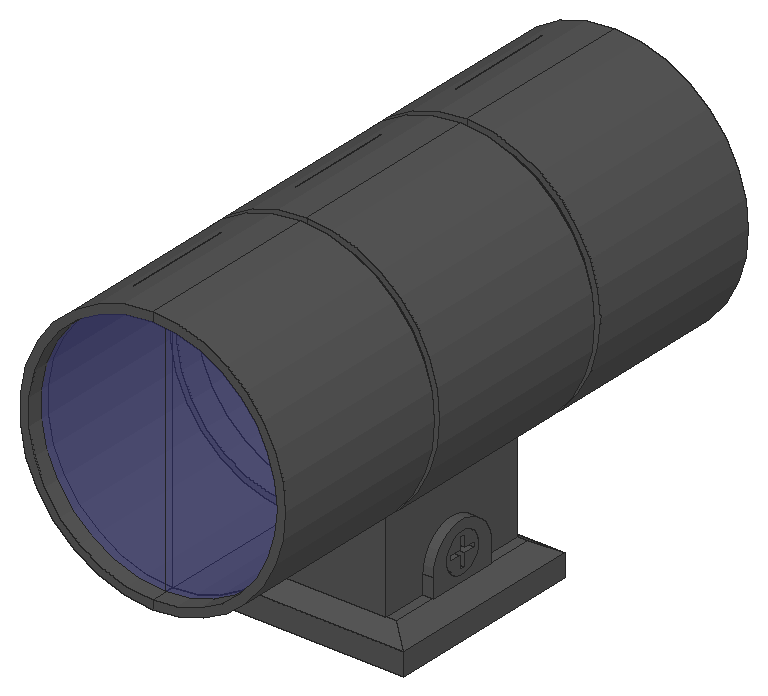
Revit family "CARLO CYLINDER LIGHT WALL MOUNT", category Lighting Fixtures, host Face, Revit 2020 (continued)
Types (10): name | Wattage_Input | Wattage Comments | Wattage | Photometric Web File | built-in parameter 1150142 | Model | built-in parameter 1150105 | Lumens | Light Length 1 | LIGHT RADIUS | LIGHT PLACEMENT | LIGHT LENGTH | LIGHT DIA | built-in parameter 1150106 | FIXED END HEIGHT | Curve base Height | Base Curve | BEAMING ANGLE | Apparent Load
    3.33 118.08 94.078 \r\n 73.73 59.684 50.362 46.036 43.812 40.428 37.252 34.714 32.362 29.837 \r\n 27.291 24.665 22.238 20.332 18.759 17.481 16.369 15.26 14.215 13.247 \r\n 12.336 11.472 10.639 9.8013 8.9989 8.2707 7.5823 6.8989 6.2615 5.7135 \r\n 5.2132 4.7182 4.2741 3.9275 3.6327 3.3557 3.1087 2.8955 2.7071 2.536 \r\n 2.3818 2.2418 2.1148 1.999 1.8934 1.7964 1.7079 1.6283 1.5544 1.4829 \r\n 1.4147 1.3495 1.2875 1.2299 1.1741 1.1177 1.062 1.0067 0.95477 0.91161 \r\n 0.8699 0.82133 0.77422 0.73572 0.70098 0.6676 0.63543 0.60341 0.5718 0.54065 \r\n 0.50956 0.47773 0.44646 0.41824 0.39136 0.36561 0.33889 0.30723 0.27603 0.2507 \r\n 0.22734 0.20352 0.18022 0.15905 0.13557 0.10431 0.069906 0.030849 0 0 \r\n 0 0.027256 0.062592 0.095669 0.12722 0.14886 0.17762 0.23662 0.29916 0.33852 \r\n 0.37785 0.44017 0.49913 0.52756 0.55093 0.59161 0.63172 0.65564 0.67896 0.71568 \r\n 0.75487 0.78785 0.82178 0.86524 0.91077 0.95196 0.99421 1.0429 1.0917 1.1329 \r\n 1.1764 1.2338 1.2928 1.3422 1.3907 1.4438 1.4996 1.5585 1.6197 1.682 \r\n 1.746 1.8106 1.8791 1.9571 2.0376 2.1118 2.1902 2.2818 2.3815 2.4864 \r\n 2.5991 2.7192 2.8523 3.0039 3.173 3.356 3.5657 3.8188 4.1001 4.3891 \r\n 4.7192 5.1208 5.583 6.1013 6.6868 7.3578 8.0877 8.8496 9.6629 10.547 \r\n 11.475 12.426 13.407 14.416 15.454 16.525 17.608 18.645 19.743 21.064 \r\n 22.383 23.425 24.508 25.787 27.482 29.897 32.933 35.389 40.884 54.13 \r\n 70.645 86.102 104.74 130.45 159.95 191.73 224.33 255.5 286.21 317.15 \r\n 346.93 374.48 399.51 421.94 439.99 450.82 457.58 462.08 465.46 469.82 \r\n 474.05 477.64 480.91 483.94 486.88 489.85 492.95 496.38 499.9 503.31 \r\n 506.66 509.95 513.16 516.28 519.34 522.36 525.4 528.49 531.65 534.78 \r\n 538.26 542.5 547.27 552.26 558.12 565.39 574.02 583.97 595.73 609.69 \r\n 626.14 645.15 667.73 694.71 726.7 762.25 808.33 875.89 951.47 1023.6 \r\n 1097.2 1169 1252.3 1362.2 1489.7 1629.8 1785.6 1960.6 2149.5 2349.3 \r\n 2556.4 2766.3 2978.5 3191.4 3404.6 3618.5 3828.9 4033.6 4227.7 4404 \r\n 4567.2 4720.5 4860.6 4985.4 5094.7 5187.7 5264.3 5322.2 5367.8 5407.5 \r\n 5509.6 \r\n5444.5 5455.6 5459.1 5451.5 5433.5 5405.5 5367.7 5321 5263.9 5196.4 \r\n 5115.3 5016.9 4903.8 4776 4638 4494.8 4343.9 4185.4 4016.4 3832 \r\n 3638.6 3439.7 3238.8 3041.8 2845.6 2649 2452.4 2252.9 2059.7 1882.3 \r\n 1717.1 1563.3 1423 1298.3 1187.6 1090.5 1005.6 931.84 868.11 813.11 \r\n 766.14 726.41 692.95 664.82 641.11 620.62 603.26 588.7 576.41 565.77 \r\n 556.71 548.99 542.43 536.87 531.99 527.4 523.23 519.57 516.18 512.82 \r\n 509.59 506.55 503.58 500.6 497.64 494.74 491.86 489.01 486.21 483.6 \r\n 480.87 477.53 474.16 471.73 468.53 464.01 455.69 440.13 419.69 395.25 \r\n 367.83 338.51 307.98 277.33 246.49 215.51 185.04 155.38 127.59 102.51 \r\n 81.119 64.817 53.295 47.867 45.06 41.414 38.191 35.635 33.339 30.98 \r\n 28.546 25.755 23.089 20.998 19.287 17.978 16.864 15.714 14.627 13.633 \r\n 12.706 11.84 11.003 10.142 9.3145 8.5762 7.8766 7.165 6.4975 5.9312 \r\n 5.4126 4.8876 4.4148 4.053 3.747 3.4563 3.1956 2.9693 2.7688 2.5877 \r\n 2.4249 2.2777 2.1449 2.0254 1.9169 1.8167 1.7249 1.6419 1.5648 1.4908 \r\n 1.4207 1.3549 1.2926 1.2336 1.1765 1.1199 1.0643 1.0086 0.95644 0.91367 \r\n 0.8724 0.82368 0.77647 0.73846 0.70443 0.67214 0.64035 0.61005 0.58024 0.55041 \r\n 0.52009 0.48782 0.45607 0.4273 0.40001 0.37439 0.34777 0.31556 0.28386 0.25903 \r\n 0.23572 0.20954 0.18385 0.1618 0.13969 0.11614 0.087212 0.040327 0 0 \r\n 0.0008805 0.036916 0.080845 0.1143 0.14487 0.16937 0.20182 0.26416 0.32947 0.37009 \r\n 0.41016 0.47381 0.53343 0.56041 0.58192 0.62196 0.66148 0.68391 0.7059 0.74243 \r\n 0.78195 0.8156 0.85034 0.89538 0.94241 0.98431 1.0267 1.0749 1.1227 1.1615 \r\n 1.2033 1.2623 1.3232 1.3721 1.4196 1.4723 1.5279 1.5866 1.6479 1.711 \r\n 1.7762 1.8424 1.9127 1.9916 2.0729 2.1493 2.2296 2.3217 2.4223 2.5305 \r\n 2.6472 2.7713 2.9084 3.0643 3.2379 3.4247 3.6406 3.9062 4.2027 4.5074 \r\n 4.8525 5.2639 5.7367 6.2726 6.8779 7.5691 8.3183 9.096 9.9238 10.822 \r\n 11.765 12.733 13.729 14.747 15.79 16.867 17.958 19.011 20.133 21.493 \r\n 22.851 23.885 25.005 26.465 28.401 31.011 34.369 37.177 43.747 60.1 \r\n 79.821 96.656 116.15 143.08 173.53 205.53 238.06 269.14 299.64 330.27 \r\n 359.43 385.73 409.14 429.76 445.85 454.42 459.33 463.38 466.8 471.06 \r\n 475.19 478.63 481.77 484.85 487.87 490.84 493.95 497.53 501.17 504.53 \r\n 507.78 511 514.16 517.3 520.42 523.54 526.65 529.73 532.85 535.94 \r\n 539.45 543.94 549.01 554.15 560.21 567.92 577.11 587.68 600.09 614.65 \r\n 631.79 651.67 675.37 703.84 737.57 774.73 823.26 895.65 976.47 1053 \r\n 1129.6 1201.1 1283.6 1394.9 1524.8 1668.6 1828.2 2005.9 2196.3 2395.2 \r\n 2600.9 2811.1 3024.5 3239.4 3454.2 3667.5 3876.5 4080 4272 4444.3 \r\n 4603.2 4754.1 4892 5013.7 5119.3 5207.8 5279.8 5333.8 5376 5412.5 \r\n 5509.6 \r\n5444.5 5457 5464.1 5460.4 5445.9 5420.5 5384.9 5340.4 5286.1 5222.9 \r\n 5147.1 5054.9 4947.5 4823.2 4687.3 4545.5 4396 4240 4073.7 3890.9 \r\n 3698.9 3501.8 3302 3103.9 2905.5 2705.8 2506.3 2305.7 2111.4 1931.3 \r\n 1762.7 1604.2 1458.8 1328.8 1214.7 1120.2 1038.3 962.84 894.84 832.46 \r\n 778.41 736.13 701.61 672.13 647.3 625.85 607.65 592.32 579.37 568.21 \r\n 558.71 550.62 543.76 537.98 532.94 528.18 523.88 520.11 516.66 513.33 \r\n 510.15 507.08 504.07 501.08 498.13 495.24 492.39 489.59 486.85 484.28 \r\n 481.6 478.43 475.24 472.74 469.76 466.21 459.5 446.59 428.83 406.03 \r\n 379.75 351.29 321.25 290.63 259.48 227.92 196.68 166.2 137.48 111.29 \r\n 88.767 71.664 58.949 50.676 45.337 41.635 38.986 36.294 33.806 31.459 \r\n 29.091 26.38 23.748 21.526 19.668 18.335 17.229 16.065 14.961 13.95 \r\n 13.006 12.126 11.277 10.412 9.5781 8.8213 8.1009 7.3735 6.6925 6.1156 \r\n 5.5862 5.0476 4.5586 4.1753 3.8493 3.5488 3.2806 3.0415 2.8292 2.6414 \r\n 2.4746 2.326 2.1924 2.0703 1.9591 1.8581 1.7652 1.6785 1.598 1.5237 \r\n 1.4543 1.3884 1.326 1.2672 1.2102 1.1522 1.0954 1.0406 0.98915 0.94441 \r\n 0.90109 0.85273 0.80611 0.76722 0.7319 0.69819 0.66544 0.63466 0.60463 0.57498 \r\n 0.5447 0.51151 0.47882 0.45004 0.42281 0.39657 0.36933 0.33704 0.30525 0.27994 \r\n 0.2558 0.22825 0.20123 0.17828 0.15609 0.1344 0.10756 0.062655 0.021325 0.0060592 \r\n 0.0109 0.045971 0.088774 0.11878 0.14863 0.18365 0.22645 0.28645 0.3485 0.39658 \r\n 0.44268 0.49842 0.54888 0.57721 0.60076 0.63485 0.66862 0.69285 0.71792 0.75385 \r\n 0.79241 0.82727 0.86287 0.90527 0.94947 0.99165 1.0343 1.0799 1.1247 1.1622 \r\n 1.2025 1.2578 1.3158 1.366 1.4158 1.4694 1.5256 1.585 1.6469 1.7108 \r\n 1.7768 1.8439 1.9147 1.9933 2.075 2.1543 2.2385 2.3333 2.4373 2.5508 \r\n 2.674 2.8052 2.9501 3.1142 3.297 3.495 3.7226 3.9973 4.3063 4.6355 \r\n 5.0061 5.4322 5.9208 6.4864 7.1211 7.8257 8.589 9.3991 10.258 11.169 \r\n 12.119 13.101 14.108 15.128 16.169 17.235 18.326 19.433 20.598 21.909 \r\n 23.221 24.265 25.497 27.316 29.62 32.07 35.775 40.698 49.947 68.614 \r\n 90.711 110.36 132.31 160.43 191.44 223.67 256.18 287.31 317.58 347.47 \r\n 375.46 400.32 421.72 439 451.88 458.85 462.89 466.47 469.57 473.2 \r\n 476.75 479.82 482.73 485.65 488.57 491.47 494.56 498.16 501.83 505.14 \r\n 508.35 511.56 514.78 518.09 521.41 524.68 527.93 531.14 534.46 537.87 \r\n 541.75 546.57 552 557.64 564.24 572.42 582.13 593.37 606.58 622.01 \r\n 640.23 661.61 687.02 717.27 752.94 792.43 843.08 916.22 998.32 1078.3 \r\n 1160.1 1239.1 1329.5 1446.7 1581.8 1730.2 1894.3 2077.8 2273 2473.4 \r\n 2679.4 2889.2 3102.1 3318 3533 3744 3949.3 4148.4 4335.8 4504.4 \r\n 4659.5 4805.4 4937.8 5053.8 5153.5 5235.8 5302 5350.8 5388.1 5420 \r\n 5509.6 \r\n5444.5 5458.3 5468.6 5468.4 5457.2 5434.1 5400.6 5357.7 5305.5 5245.8 \r\n 5174.7 5088.6 4987.1 4866.2 4732.5 4591.8 4443.1 4288.9 4124.5 3943.2 \r\n 3752.6 3557.6 3359 3159.6 2958.6 2755.8 2553.5 2352.6 2158.1 1976 \r\n 1804.3 1641.5 1491.6 1357.2 1240.5 1149 1070.3 993.28 921.18 851.26 \r\n 789.94 745.15 709.68 678.94 653.07 630.74 611.78 595.75 582.19 570.54 \r\n 560.64 552.21 545.06 539.06 533.85 528.95 524.52 520.64 517.12 513.83 \r\n 510.7 507.59 504.55 501.58 498.67 495.79 492.96 490.19 487.49 484.91 \r\n 482.25 479.26 476.21 473.52 470.51 467.45 461.93 451.58 436.57 415.61 \r\n 390.7 363.27 333.85 303.42 272.09 239.95 208.02 177.13 147.92 120.76 \r\n 97.179 79.501 65.688 54.193 45.882 41.982 39.857 36.971 34.25 31.865 \r\n 29.539 26.95 24.405 22.061 20.051 18.692 17.592 16.417 15.301 14.272 \r\n 13.31 12.411 11.548 10.681 9.844 9.0663 8.3226 7.5825 6.8916 6.3042 \r\n 5.7642 5.215 4.7123 4.3054 3.9566 3.6457 3.3698 3.118 2.894 2.6996 \r\n 2.5292 2.3796 2.2456 2.1207 2.0067 1.9051 1.8114 1.7208 1.6367 1.5624 \r\n 1.4937 1.4276 1.3649 1.3066 1.2497 1.1902 1.1321 1.0783 1.0277 0.98058 \r\n 0.93482 0.88707 0.84129 0.80133 0.7642 0.72781 0.69335 0.662 0.63168 0.60222 \r\n 0.57199 0.53785 0.50419 0.47544 0.44828 0.42122 0.39315 0.3609 0.32913 0.30309 \r\n 0.27795 0.2493 0.22121 0.19721 0.17449 0.15341 0.12792 0.086668 0.045977 0.025603 \r\n 0.024337 0.055584 0.095263 0.12168 0.15132 0.19766 0.25134 0.30826 0.36615 0.42185 \r\n 0.47391 0.52001 0.55965 0.58961 0.61572 0.64323 0.67067 0.69737 0.72628 0.76153 \r\n 0.79888 0.83496 0.87138 0.91055 0.95129 0.99357 1.0364 1.0791 1.1207 1.1574 \r\n 1.1967 1.2473 1.3016 1.3535 1.4062 1.4609 1.5178 1.5778 1.6403 1.705 \r\n 1.7718 1.8395 1.9107 1.9887 2.0707 2.1533 2.2415 2.3395 2.4473 2.5666 \r\n 2.6967 2.8357 2.9893 3.163 3.3565 3.5676 3.8084 4.0918 4.4132 4.7692 \r\n 5.1683 5.6116 6.1184 6.7162 7.382 8.0992 8.8758 9.7209 10.614 11.537 \r\n 12.494 13.488 14.504 15.525 16.564 17.617 18.711 19.878 21.089 22.335 \r\n 23.594 24.682 26.074 28.275 31.006 33.449 37.728 45.147 57.343 78.081 \r\n 102.27 124.88 149.47 178.71 210.13 242.45 274.82 305.92 335.88 364.86 \r\n 391.52 414.81 434.05 447.79 457.35 463.03 466.54 469.76 472.56 475.53 \r\n 478.41 481.11 483.78 486.52 489.31 492.14 495.18 498.76 502.42 505.69 \r\n 508.87 512.09 515.39 518.9 522.45 525.87 529.27 532.66 536.22 540.05 \r\n 544.38 549.53 555.34 561.56 568.77 577.45 587.7 599.66 613.74 630.15 \r\n 649.61 672.67 699.99 732.16 769.93 812.2 865.14 938.05 1020.4 1103.9 \r\n 1191.6 1280 1380.1 1504.2 1645 1798.2 1967 2156.7 2357.2 2559.7 \r\n 2766.2 2975.5 3187.6 3403.9 3618.8 3826.9 4028.1 4221.9 4404.1 4569.1 \r\n 4720.3 4860.6 4986.8 5096.5 5189.8 5265.7 5325.6 5369 5401.3 5428.3 \r\n 5509.6 \r\n5444.5 5459.3 5472.4 5475.4 5467.2 5446.5 5414.9 5373.3 5322.7 5266 \r\n 5198.8 5118.6 5022.9 4905.6 4774.3 4634.6 4486.5 4333.6 4170.6 3990.7 \r\n 3801.5 3608.7 3411.5 3210.5 3006.9 2801 2596.4 2395.8 2201.7 2017.8 \r\n 1843.2 1676.6 1522.6 1384.4 1265.6 1176.6 1100.5 1022.1 946.17 869.18 \r\n 801.01 753.8 717.38 685.44 658.59 635.43 615.77 599.07 584.93 572.82 \r\n 562.55 553.79 546.37 540.16 534.77 529.73 525.19 521.2 517.62 514.35 \r\n 511.26 508.12 505.05 502.13 499.26 496.39 493.56 490.81 488.12 485.48 \r\n 482.81 479.98 477.04 474.07 470.86 467.93 463.24 455.25 442.93 423.97 \r\n 400.68 374.44 345.81 315.74 284.4 251.78 219.29 188.34 158.96 130.99 \r\n 106.43 88.246 73.329 58.467 46.978 42.652 40.859 37.727 34.762 32.293 \r\n 29.974 27.518 25.083 22.622 20.461 19.071 17.969 16.784 15.657 14.61 \r\n 13.627 12.707 11.827 10.959 10.12 9.3192 8.5505 7.7998 7.1014 6.5025 \r\n 5.9506 5.3922 4.8769 4.445 4.0714 3.7486 3.464 3.1995 2.9641 2.7631 \r\n 2.5888 2.4378 2.3032 2.175 2.0579 1.9555 1.861 1.7666 1.679 1.6044 \r\n 1.5363 1.4697 1.4066 1.3485 1.2916 1.2306 1.1711 1.1184 1.0686 1.019 \r\n 0.97076 0.92381 0.87907 0.83802 0.79889 0.75964 0.7226 0.69065 0.65997 0.6306 \r\n 0.60036 0.5653 0.5307 0.50197 0.47483 0.44683 0.41782 0.38562 0.3539 0.32698 \r\n 0.30074 0.27126 0.24233 0.2172 0.1936 0.17214 0.14735 0.11074 0.071907 0.048035 \r\n 0.04112 0.065996 0.10133 0.12488 0.15515 0.21221 0.27599 0.32989 0.38359 0.4459 \r\n 0.50283 0.53878 0.56734 0.59878 0.62746 0.64856 0.66996 0.69942 0.73241 0.767 \r\n 0.80306 0.84023 0.87735 0.91317 0.95032 0.99248 1.0353 1.0753 1.1139 1.1504 \r\n 1.1891 1.2348 1.2849 1.3386 1.3944 1.4503 1.5079 1.5684 1.6314 1.6971 \r\n 1.7647 1.8328 1.9043 1.9817 2.064 2.1497 2.2421 2.3435 2.4553 2.5804 \r\n 2.7176 2.8646 3.0276 3.2119 3.4174 3.6428 3.8976 4.1899 4.5237 4.9075 \r\n 5.3369 5.7998 6.3272 6.9584 7.6558 8.3856 9.1755 10.056 10.984 11.92 \r\n 12.883 13.885 14.908 15.932 16.971 18.015 19.112 20.34 21.599 22.773 \r\n 23.985 25.162 26.764 29.335 32.542 35.256 40.405 50.491 65.661 88.209 \r\n 114.19 139.71 166.91 197.16 228.87 261.15 293.25 324.22 353.78 381.72 \r\n 406.92 428.51 445.54 455.78 462.17 466.83 470.09 473.04 475.57 477.89 \r\n 480.13 482.49 484.93 487.49 490.16 492.9 495.88 499.42 503.04 506.26 \r\n 509.42 512.67 516.07 519.79 523.57 527.14 530.69 534.29 538.13 542.41 \r\n 547.23 552.72 558.92 565.75 573.62 582.82 593.64 606.36 621.37 638.87 \r\n 659.67 684.55 713.91 748.1 788.14 833.65 889.15 961.2 1043.2 1130.2 \r\n 1224.2 1322.9 1433.8 1565.2 1711.9 1870.1 2043.8 2239.6 2445.5 2650.5 \r\n 2857.9 3066.7 3277.7 3494 3708 3913 4109.8 4298.1 4474.6 4635.8 \r\n 4783.2 4917.7 5037.3 5140.4 5227 5296.3 5350 5387.9 5415.1 5437 \r\n 5509.6 \r\n5444.5 5459.8 5475.7 5481.5 5476 5457.7 5428.2 5387.8 5338.6 5284.2 \r\n 5220.4 5145.7 5055.5 4941.9 4813.2 4674.9 4527.6 4375.8 4213.9 4035.3 \r\n 3847.6 3656.9 3460.8 3258.2 3052.2 2843.8 2637.4 2437.4 2243.8 2058.2 \r\n 1880.7 1710.5 1552.9 1411.5 1290.7 1203 1128.1 1048.1 968.86 885.86 \r\n 811.9 762.42 724.94 691.8 664 640.05 619.72 602.38 587.67 575.12 \r\n 564.47 555.4 547.73 541.3 535.74 530.56 525.92 521.84 518.19 514.93 \r\n 511.86 508.7 505.62 502.74 499.92 497.04 494.19 491.43 488.71 485.99 \r\n 483.26 480.56 477.69 474.41 470.93 467.86 463.67 457.74 447.94 431.12 \r\n 409.7 384.82 357.13 327.62 296.46 263.56 230.73 199.97 170.66 142.06 \r\n 116.61 97.819 81.69 63.546 48.908 43.844 42.05 38.623 35.434 32.835 \r\n 30.478 28.135 25.802 23.229 20.922 19.491 18.378 17.181 16.043 14.975 \r\n 13.969 13.025 12.126 11.256 10.414 9.5882 8.7932 8.0333 7.3286 6.7159 \r\n 6.1493 5.5814 5.0537 4.596 4.1962 3.859 3.5636 3.2868 3.0406 2.8325 \r\n 2.6534 2.5 2.3635 2.2315 2.1109 2.0073 1.9117 1.8137 1.7226 1.6472 \r\n 1.579 1.5116 1.4478 1.3896 1.3324 1.27 1.2093 1.1575 1.1083 1.0565 \r\n 1.006 0.96009 0.91654 0.87455 0.83352 0.79142 0.75173 0.71919 0.68807 0.65863 \r\n 0.62823 0.59233 0.55691 0.52812 0.50088 0.47189 0.44192 0.4097 0.37796 0.35009 \r\n 0.32277 0.29269 0.26314 0.23687 0.21215 0.18958 0.16491 0.13327 0.097065 0.071954 \r\n 0.061176 0.078943 0.10798 0.13024 0.16231 0.22812 0.29989 0.35164 0.40199 0.46876 \r\n 0.52839 0.55492 0.57353 0.60588 0.6366 0.65234 0.66881 0.70097 0.73773 0.77175 \r\n 0.80661 0.84461 0.88225 0.91507 0.949 0.99078 1.0335 1.071 1.1074 1.1443 \r\n 1.1828 1.2242 1.2703 1.3256 1.3843 1.4413 1.4997 1.5605 1.6238 1.6903 \r\n 1.7589 1.8274 1.8989 1.976 2.0588 2.1475 2.2437 2.3484 2.4643 2.5948 \r\n 2.7387 2.8938 3.0663 3.2621 3.4806 3.7207 3.99 4.2915 4.6383 5.0497 \r\n 5.5095 5.9947 6.5452 7.2095 7.9378 8.6812 9.4848 10.399 11.359 12.309 \r\n 13.279 14.287 15.315 16.344 17.386 18.427 19.532 20.817 22.119 23.228 \r\n 24.41 25.731 27.593 30.492 34.214 37.599 43.986 56.695 74.627 98.71 \r\n 126.18 154.33 183.91 215.03 246.91 279.03 310.74 341.46 370.51 397.32 \r\n 420.99 440.78 455.59 462.62 466.22 470.13 473.35 476.12 478.42 480.18 \r\n 481.84 483.92 486.18 488.59 491.15 493.82 496.75 500.2 503.75 506.93 \r\n 510.09 513.4 516.92 520.83 524.82 528.52 532.23 536.04 540.17 544.92 \r\n 550.22 556.04 562.61 570.06 578.6 588.33 599.74 613.27 629.26 647.93 \r\n 670.18 696.93 728.41 764.69 807.16 856.4 914.82 985.76 1067.1 1157.6 \r\n 1258 1367.1 1488.8 1627.6 1780.3 1943.6 2122.1 2323.7 2534.6 2742.3 \r\n 2950.6 3159.1 3369.1 3584.7 3797.2 3999.1 4191.6 4374.1 4544.9 4702.4 \r\n 4845.9 4974.5 5087.6 5184 5264 5326.8 5374.4 5407 5429.2 5446.1 \r\n 5509.6 \r\n5444.5 5459.2 5478 5486.1 5482.9 5467.6 5441.1 5403 5355.9 5303.7 \r\n 5242.6 5172.5 5087.3 4978.3 4853.7 4718.5 4573.7 4423.6 4263.1 4086.4 \r\n 3900.5 3711.1 3515.6 3311.7 3104.1 2895.4 2688.9 2489.2 2295 2106.4 \r\n 1925.1 1751.1 1589.7 1444.9 1320.8 1229.4 1151.1 1068 985.92 900.67 \r\n 824.7 773.17 733.86 699.32 670.38 645.49 624.36 606.3 590.97 577.89 \r\n 566.8 557.36 549.4 542.74 537.01 531.7 526.97 522.81 519.11 515.78 \r\n 512.66 509.5 506.44 503.58 500.77 497.85 494.92 492.06 489.2 486.32 \r\n 483.46 480.74 477.85 474.42 470.79 467.51 463.56 458.96 451.09 436.7 \r\n 417.66 394.44 368 339.4 308.87 276.32 243.71 213.29 184.11 155.19 \r\n 128.94 108.77 90.772 70.082 53.005 46.446 43.738 40.01 36.776 33.974 \r\n 31.454 
